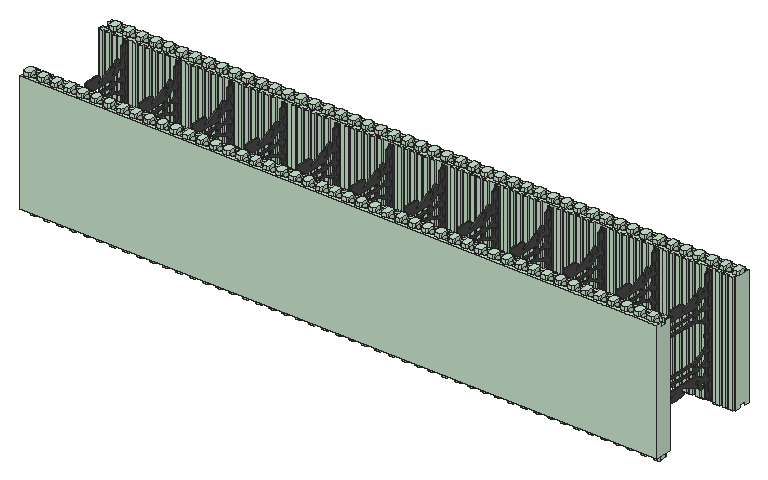
Revit family (continued)
Definition of nested family "NUDURA Logo Diamond"
  Lines and regions (in)
    model lines
      curve 24: arc (12.52777, 0, 17.43033) -> (12.60099, 0, 17.25355) -> (12.52777, 0, 17.07678) r 0.25
      curve 25: arc (12.17421, 0, 16.72322) -> (11.99744, 0, 16.65) -> (11.82066, 0, 16.72322) r 0.25
      curve 26: arc (11.82066, 0, 17.78388) -> (11.99744, 0, 17.85711) -> (12.17421, 0, 17.78388) r 0.25
      curve 27: arc (12.59848, 0, 17.50104) -> (12.70099, 0, 17.25355) -> (12.59848, 0, 17.00607) r 0.35
      curve 28: arc (11.63374, 0, 16.76872) -> (11.74358, 0, 16.50355) -> (11.63374, 0, 16.23839) r 0.375
      curve 29: arc (12.36113, 0, 16.76872) -> (12.2513, 0, 16.50355) -> (12.36113, 0, 16.23839) r 0.375
      curve 30: line (12.36113, 0, 15.26872) -> (12.59848, 0, 15.50607)
      curve 31: line (11.3964, 0, 15.50607) -> (11.63374, 0, 15.26872)
      curve 32: line (11.82066, 0, 16.28388) -> (11.46711, 0, 15.93033)
      curve 33: line (12.52777, 0, 15.93033) -> (12.17421, 0, 16.28388)
      curve 34: line (12.17421, 0, 15.22322) -> (12.52777, 0, 15.57678)
      curve 35: line (11.46711, 0, 15.57678) -> (11.82066, 0, 15.22322)
      curve 36: arc (11.3964, 0, 16.00104) -> (11.29388, 0, 15.75355) -> (11.3964, 0, 15.50607) r 0.35
      curve 37: arc (11.46711, 0, 15.93033) -> (11.39388, 0, 15.75355) -> (11.46711, 0, 15.57678) r 0.25
      curve 38: arc (12.52777, 0, 15.93033) -> (12.60099, 0, 15.75355) -> (12.52777, 0, 15.57678) r 0.25
      curve 39: arc (12.17421, 0, 15.22322) -> (11.99744, 0, 15.15) -> (11.82066, 0, 15.22322) r 0.25
      curve 40: arc (11.82066, 0, 16.28388) -> (11.99744, 0, 16.35711) -> (12.17421, 0, 16.28388) r 0.25
      curve 41: arc (12.59848, 0, 16.00104) -> (12.70099, 0, 15.75355) -> (12.59848, 0, 15.50607) r 0.35
      curve 42: line (11.63374, 0, 16.23839) -> (11.3964, 0, 16.00104)
      curve 43: line (12.59848, 0, 16.00104) -> (12.36113, 0, 16.23839)
      curve 44: arc (11.63374, 0, 15.26872) -> (11.74358, 0, 15.00355) -> (11.63374, 0, 14.73839) r 0.375
      curve 45: arc (12.36113, 0, 15.26872) -> (12.2513, 0, 15.00355) -> (12.36113, 0, 14.73839) r 0.375
      curve 46: line (12.36113, 0, 13.76872) -> (12.59848, 0, 14.00607)
      curve 47: line (11.3964, 0, 14.00607) -> (11.63374, 0, 13.76872)
      curve 48: line (11.82066, 0, 14.78388) -> (11.46711, 0, 14.43033)
      curve 49: line (12.52777, 0, 14.43033) -> (12.17421, 0, 14.78388)
      curve 50: line (12.17421, 0, 13.72322) -> (12.52777, 0, 14.07678)
      curve 51: line (11.46711, 0, 14.07678) -> (11.82066, 0, 13.72322)
      curve 52: arc (11.3964, 0, 14.50104) -> (11.29388, 0, 14.25355) -> (11.3964, 0, 14.00607) r 0.35
      curve 53: arc (11.46711, 0, 14.43033) -> (11.39388, 0, 14.25355) -> (11.46711, 0, 14.07678) r 0.25
      curve 54: arc (12.52777, 0, 14.43033) -> (12.60099, 0, 14.25355) -> (12.52777, 0, 14.07678) r 0.25
      curve 55: arc (12.17421, 0, 13.72322) -> (11.99744, 0, 13.65) -> (11.82066, 0, 13.72322) r 0.25
      curve 56: arc (11.82066, 0, 14.78388) -> (11.99744, 0, 14.85711) -> (12.17421, 0, 14.78388) r 0.25
      curve 57: arc (12.59848, 0, 14.50104) -> (12.70099, 0, 14.25355) -> (12.59848, 0, 14.00607) r 0.35
      curve 58: line (11.63374, 0, 14.73839) -> (11.3964, 0, 14.50104)
      curve 59: arc (11.63374, 0, 13.76872) -> (11.74358, 0, 13.50355) -> (11.63374, 0, 13.23839) r 0.375
      curve 60: arc (12.36113, 0, 13.76872) -> (12.2513, 0, 13.50355) -> (12.36113, 0, 13.23839) r 0.375
      curve 61: line (12.78279, 0, 12.81673) -> (12.36113, 0, 13.23839)
      curve 62: line (11.21208, 0, 12.81673) -> (11.28279, 0, 12.74602)
      curve 63: arc (11.82066, 0, 13.28388) -> (11.99744, 0, 13.35711) -> (12.17421, 0, 13.28388) r 0.25
      curve 64: line (12.59848, 0, 0.50607) -> (12.24492, 0, 0.15251)
      curve 65: line (12.36113, 0, 1.23839) -> (12.59848, 0, 1.00104)
      curve 66: line (12.59848, 0, 2.00607) -> (12.36113, 0, 1.76872)
      curve 67: line (12.36113, 0, 2.73839) -> (12.59848, 0, 2.50104)
      curve 68: line (12.59848, 0, 3.50607) -> (12.36113, 0, 3.26872)
      curve 69: line (12.36113, 0, 4.23839) -> (12.59848, 0, 4.00104)
      curve 70: line (12.17421, 0, 4.72322) -> (12.71208, 0, 5.26109)
      curve 71: line (12.71208, 0, 5.26109) -> (12.78279, 0, 5.19038)
      curve 72: line (11.28279, 0, 5.26109) -> (11.82066, 0, 4.72322)
      curve 73: line (11.63374, 0, 4.76872) -> (11.21208, 0, 5.19038)
      curve 74: line (11.3964, 0, 4.00104) -> (11.63374, 0, 4.23839)
      curve 75: line (11.63374, 0, 3.26872) -> (11.3964, 0, 3.50607)
      curve 76: line (11.3964, 0, 2.50104) -> (11.63374, 0, 2.73839)
      curve 77: line (11.63374, 0, 1.76872) -> (11.3964, 0, 2.00607)
      curve 78: line (11.3964, 0, 1.00104) -> (11.63374, 0, 1.23839)
      curve 79: line (11.74995, 0, 0.15251) -> (11.3964, 0, 0.50607)
      curve 80: line (11.82066, 0, 0.22322) -> (11.46711, 0, 0.57678)
      curve 81: line (12.52777, 0, 0.57678) -> (12.17421, 0, 0.22322)
      curve 82: line (12.17421, 0, 1.28388) -> (12.52777, 0, 0.93033)
      curve 83: line (11.46711, 0, 0.93033) -> (11.82066, 0, 1.28388)
      curve 84: arc (11.3964, 0, 0.50607) -> (11.29388, 0, 0.75355) -> (11.3964, 0, 1.00104) r 0.35
      curve 85: arc (11.74995, 0, 0.15251) -> (11.99744, 0, 0.05) -> (12.24492, 0, 0.15251) r 0.35
      curve 86: arc (11.46711, 0, 0.57678) -> (11.39388, 0, 0.75355) -> (11.46711, 0, 0.93033) r 0.25
      curve 87: arc (12.52777, 0, 0.57678) -> (12.60099, 0, 0.75355) -> (12.52777, 0, 0.93033) r 0.25
      curve 88: arc (12.17421, 0, 1.28388) -> (11.99744, 0, 1.35711) -> (11.82066, 0, 1.28388) r 0.25
      curve 89: arc (11.82066, 0, 0.22322) -> (11.99744, 0, 0.15) -> (12.17421, 0, 0.22322) r 0.25
      curve 90: arc (12.59848, 0, 0.50607) -> (12.70099, 0, 0.75355) -> (12.59848, 0, 1.00104) r 0.35
      curve 91: arc (11.63374, 0, 1.23839) -> (11.74358, 0, 1.50355) -> (11.63374, 0, 1.76872) r 0.375
      curve 92: arc (12.36113, 0, 1.23839) -> (12.2513, 0, 1.50355) -> (12.36113, 0, 1.76872) r 0.375
      curve 93: line (12.36113, 0, 2.73839) -> (12.59848, 0, 2.50104)
      curve 94: line (11.3964, 0, 2.50104) -> (11.63374, 0, 2.73839)
      curve 95: line (11.82066, 0, 1.72322) -> (11.46711, 0, 2.07678)
      curve 96: line (12.52777, 0, 2.07678) -> (12.17421, 0, 1.72322)
      curve 97: line (12.17421, 0, 2.78388) -> (12.52777, 0, 2.43033)
      curve 98: line (11.46711, 0, 2.43033) -> (11.82066, 0, 2.78388)
      curve 99: arc (11.3964, 0, 2.00607) -> (11.29388, 0, 2.25355) -> (11.3964, 0, 2.50104) r 0.35
      curve 100: arc (11.46711, 0, 2.07678) -> (11.39388, 0, 2.25355) -> (11.46711, 0, 2.43033) r 0.25
      curve 101: arc (12.52777, 0, 2.07678) -> (12.60099, 0, 2.25355) -> (12.52777, 0, 2.43033) r 0.25
      curve 102: arc (12.17421, 0, 2.78388) -> (11.99744, 0, 2.85711) -> (11.82066, 0, 2.78388) r 0.25
      curve 103: arc (11.82066, 0, 1.72322) -> (11.99744, 0, 1.65) -> (12.17421, 0, 1.72322) r 0.25
      curve 104: arc (12.59848, 0, 2.00607) -> (12.70099, 0, 2.25355) -> (12.59848, 0, 2.50104) r 0.35
      curve 105: line (11.63374, 0, 1.76872) -> (11.3964, 0, 2.00607)
      curve 106: line (12.59848, 0, 2.00607) -> (12.36113, 0, 1.76872)
      curve 107: arc (11.63374, 0, 2.73839) -> (11.74358, 0, 3.00355) -> (11.63374, 0, 3.26872) r 0.375
      curve 108: arc (12.36113, 0, 2.73839) -> (12.2513, 0, 3.00355) -> (12.36113, 0, 3.26872) r 0.375
      curve 109: line (12.36113, 0, 4.23839) -> (12.59848, 0, 4.00104)
      curve 110: line (11.3964, 0, 4.00104) -> (11.63374, 0, 4.23839)
      curve 111: line (11.82066, 0, 3.22322) -> (11.46711, 0, 3.57678)
      curve 112: line (12.52777, 0, 3.57678) -> (12.17421, 0, 3.22322)
      curve 113: line (12.17421, 0, 4.28388) -> (12.52777, 0, 3.93033)
      curve 114: line (11.46711, 0, 3.93033) -> (11.82066, 0, 4.28388)
      curve 115: arc (11.3964, 0, 3.50607) -> (11.29388, 0, 3.75355) -> (11.3964, 0, 4.00104) r 0.35
      curve 116: arc (11.46711, 0, 3.57678) -> (11.39388, 0, 3.75355) -> (11.46711, 0, 3.93033) r 0.25
      curve 117: arc (12.52777, 0, 3.57678) -> (12.60099, 0, 3.75355) -> (12.52777, 0, 3.93033) r 0.25
      curve 118: arc (12.17421, 0, 4.28388) -> (11.99744, 0, 4.35711) -> (11.82066, 0, 4.28388) r 0.25
      curve 119: arc (11.82066, 0, 3.22322) -> (11.99744, 0, 3.15) -> (12.17421, 0, 3.22322) r 0.25
      curve 120: arc (12.59848, 0, 3.50607) -> (12.70099, 0, 3.75355) -> (12.59848, 0, 4.00104) r 0.35
      curve 121: line (11.63374, 0, 3.26872) -> (11.3964, 0, 3.50607)
      curve 122: arc (11.63374, 0, 4.23839) -> (11.74358, 0, 4.50355) -> (11.63374, 0, 4.76872) r 0.375
      curve 123: arc (12.36113, 0, 4.23839) -> (12.2513, 0, 4.50355) -> (12.36113, 0, 4.76872) r 0.375
      curve 124: line (12.78279, 0, 5.19038) -> (12.36113, 0, 4.76872)
      curve 125: line (11.21208, 0, 5.19038) -> (11.28279, 0, 5.26109)
      curve 126: arc (11.82066, 0, 4.72322) -> (11.99744, 0, 4.65) -> (12.17421, 0, 4.72322) r 0.25
      curve 127: line (12.37244, 0, 12.50355) -> (11.62244, 0, 12.50355)
      curve 128: line (12.74744, 0, 5.87855) -> (12.74744, 0, 12.12855)
      curve 129: line (11.24744, 0, 12.12855) -> (11.24744, 0, 5.87855)
      curve 130: line (11.62244, 0, 5.50355) -> (12.37244, 0, 5.50355)
      curve 131: line (12.47232, 0, 12.00355) -> (12.0393, 0, 12.25355)
      curve 132: line (12.47232, 0, 11.50355) -> (12.47232, 0, 12.00355)
      curve 133: line (12.25581, 0, 11.37855) -> (12.47232, 0, 11.50355)
      curve 134: line (12.02256, 0, 11.51322) -> (12.25581, 0, 11.37855)
      curve 135: line (12.22232, 0, 11.62855) -> (12.02256, 0, 11.51322)
      curve 136: line (11.80605, 0, 12.11888) -> (12.22232, 0, 11.87855)
      curve 137: line (12.22232, 0, 11.87855) -> (12.22232, 0, 11.62855)
      curve 138: line (12.0393, 0, 12.25355) -> (11.80605, 0, 12.11888)
      curve 139: line (11.77256, 0, 11.63822) -> (11.97232, 0, 11.75355)
      curve 140: line (11.97232, 0, 11.75355) -> (11.73906, 0, 11.88822)
      curve 141: line (11.73906, 0, 11.88822) -> (11.52256, 0, 11.76322)
      curve 142: line (11.52256, 0, 11.76322) -> (11.52256, 0, 11.26322)
      curve 143: line (11.77256, 0, 11.38822) -> (11.77256, 0, 11.63822)
      curve 144: line (12.18882, 0, 11.14789) -> (11.77256, 0, 11.38822)
      curve 145: line (11.95557, 0, 11.01322) -> (12.18882, 0, 11.14789)
      curve 146: line (11.52256, 0, 11.26322) -> (11.95557, 0, 11.01322)
      curve 147: line (12.31108, 0, 10.60411) -> (11.68379, 0, 10.74458)
      curve 148: line (11.68379, 0, 10.74458) -> (11.68379, 0, 10.51321)
      curve 149: line (11.68379, 0, 10.51321) -> (12.1295, 0, 10.41405)
      curve 150: line (12.1295, 0, 10.41405) -> (11.68379, 0, 10.27358)
      curve 151: line (11.68379, 0, 10.27358) -> (11.68379, 0, 9.8852)
      curve 152: line (11.68379, 0, 9.8852) -> (12.17077, 0, 9.77615)
      curve 153: line (12.17077, 0, 9.77615) -> (12.17077, 0, 9.74472)
      curve 154: line (12.17077, 0, 9.74472) -> (11.86146, 0, 9.80279)
      curve 155: line (11.68379, 0, 9.65536) -> (11.68379, 0, 9.35864)
      curve 156: line (12.07077, 0, 8.74385) -> (12.07077, 0, 8.99996)
      curve 157: line (12.07077, 0, 8.99996) -> (11.68379, 0, 9.08605)
      curve 158: line (11.68379, 0, 9.08605) -> (11.68379, 0, 8.47809)
      curve 159: line (11.91823, 0, 9.06589) -> (12.31108, 0, 8.97792)
      curve 160: line (11.82444, 0, 8.55476) -> (11.82444, 0, 8.79865)
      curve 161: line (11.82444, 0, 8.79865) -> (12.07077, 0, 8.74385)
      curve 162: line (11.68379, 0, 8.07193) -> (11.68379, 0, 7.77522)
      curve 163: line (11.91823, 0, 7.48247) -> (12.21108, 0, 7.41688)
      curve 164: line (12.21108, 0, 7.41688) -> (12.21108, 0, 6.95405)
      curve 165: line (12.16108, 0, 6.90405) -> (12.12077, 0, 6.90405)
      curve 166: line (12.07077, 0, 6.95405) -> (12.07077, 0, 7.08675)
      curve 167: line (12.07077, 0, 7.08675) -> (12.12077, 0, 7.07556)
      curve 168: line (12.12077, 0, 7.07556) -> (12.12077, 0, 7.33463)
      curve 169: line (12.12077, 0, 7.33463) -> (11.68379, 0, 7.43249)
      curve 170: line (11.68379, 0, 7.43249) -> (11.68379, 0, 7.17341)
      curve 171: line (11.68379, 0, 7.17341) -> (11.97077, 0, 7.10915)
      curve 172: line (11.97077, 0, 7.10915) -> (11.97077, 0, 6.99425)
      curve 173: line (11.92077, 0, 6.94425) -> (11.68379, 0, 6.94425)
      curve 174: line (11.68379, 0, 6.94425) -> (11.68379, 0, 6.45682)
      curve 175: line (11.68379, 0, 6.45682) -> (11.78284, 0, 6.38658)
      curve 176: line (11.78284, 0, 6.38658) -> (11.78284, 0, 6.05178)
      curve 177: line (12.12371, 0, 6.14486) -> (11.88284, 0, 6.31567)
      curve 178: line (11.88284, 0, 6.31567) -> (11.88284, 0, 6.07909)
      curve 179: line (11.88284, 0, 6.07909) -> (12.12371, 0, 6.14486)
      curve 180: line (11.78284, 0, 6.05178) -> (11.68379, 0, 6.02474)
      curve 181: line (11.68379, 0, 6.02474) -> (11.68379, 0, 5.75355)
      curve 182: line (11.68379, 0, 5.75355) -> (12.31108, 0, 5.92483)
      curve 183: line (12.31108, 0, 5.92483) -> (12.31108, 0, 6.28791)
      curve 184: line (12.31108, 0, 6.28791) -> (11.76249, 0, 6.67694)
      curve 185: line (11.76249, 0, 6.67694) -> (11.90321, 0, 6.67694)
      curve 186: line (12.31108, 0, 6.78674) -> (12.31108, 0, 7.63562)
      curve 187: line (12.31108, 0, 7.63562) -> (11.90258, 0, 7.7271)
      curve 188: line (11.82444, 0, 7.82469) -> (11.82444, 0, 7.92839)
      curve 189: line (11.88536, 0, 7.97718) -> (12.31108, 0, 7.88185)
      curve 190: line (12.31108, 0, 7.88185) -> (12.31108, 0, 8.13496)
      curve 191: line (12.31108, 0, 8.13496) -> (12.08042, 0, 8.17826)
      curve 192: line (12.31108, 0, 8.38353) -> (12.31108, 0, 8.9465)
      curve 193: line (12.31108, 0, 8.9465) -> (12.17077, 0, 8.97771)
      curve 194: line (12.17077, 0, 8.97771) -> (12.17077, 0, 8.55476)
      curve 195: line (12.31108, 0, 8.97792) -> (12.31108, 0, 9.21905)
      curve 196: line (12.31108, 0, 9.21905) -> (11.90258, 0, 9.31053)
      curve 197: line (11.82444, 0, 9.40811) -> (11.82444, 0, 9.51182)
      curve 198: line (11.87938, 0, 9.56195) -> (12.31108, 0, 9.46528)
      curve 199: line (12.31108, 0, 9.46528) -> (12.31108, 0, 9.98469)
      curve 200: line (12.31108, 0, 9.98469) -> (11.90664, 0, 10.07526)
      curve 201: line (11.90664, 0, 10.07526) -> (12.31108, 0, 10.20747)
      curve 202: line (12.31108, 0, 10.20747) -> (12.31108, 0, 10.60411)
      curve 203: arc (11.68379, 0, 9.65536) -> (11.73801, 0, 9.7708) -> (11.86146, 0, 9.80279) r 0.15
      curve 204: arc (11.68379, 0, 9.35864) -> (11.74962, 0, 9.17112) -> (11.91823, 0, 9.06589) r 0.3
      curve 205: arc (11.84417, 0, 8.22149) -> (11.72718, 0, 8.32679) -> (11.68379, 0, 8.47809) r 0.28547
      curve 206: arc (11.68379, 0, 8.07193) -> (11.73147, 0, 8.18158) -> (11.84417, 0, 8.22149) r 0.14992
      curve 207: arc (11.68379, 0, 7.77522) -> (11.74962, 0, 7.58769) -> (11.91823, 0, 7.48247) r 0.3
      curve 208: arc (11.82444, 0, 7.82469) -> (11.84638, 0, 7.76218) -> (11.90258, 0, 7.7271) r 0.1
      curve 209: arc (11.82444, 0, 7.92839) -> (11.84318, 0, 7.96742) -> (11.88536, 0, 7.97718) r 0.05
      curve 210: arc (12.12077, 0, 6.90405) -> (12.08541, 0, 6.91869) -> (12.07077, 0, 6.95405) r 0.05
      curve 211: arc (12.16108, 0, 6.90405) -> (12.19644, 0, 6.91869) -> (12.21108, 0, 6.95405) r 0.05
      curve 212: arc (11.97077, 0, 6.99425) -> (11.95612, 0, 6.95889) -> (11.92077, 0, 6.94425) r 0.05
      curve 213: arc (11.90321, 0, 6.67694) -> (11.96756, 0, 6.70069) -> (12.00104, 0, 6.76055) r 0.09904
      curve 214: arc (12.00104, 0, 6.76055) -> (12.1681, 0, 6.63117) -> (12.31108, 0, 6.78674) r 0.15613
      curve 215: arc (12.08042, 0, 8.17826) -> (12.24181, 0, 8.22914) -> (12.31108, 0, 8.38353) r 0.20667
      curve 216: arc (11.82444, 0, 8.55476) -> (11.9976, 0, 8.3816) -> (12.17077, 0, 8.55476) r 0.17317
      curve 217: arc (11.82444, 0, 9.40811) -> (11.84638, 0, 9.34561) -> (11.90258, 0, 9.31053) r 0.1
      curve 218: arc (11.82444, 0, 9.51182) -> (11.8459, 0, 9.55306) -> (11.892, 0, 9.55913) r 0.05034
      curve 219: arc (11.24744, 0, 12.12855) -> (11.35727, 0, 12.39372) -> (11.62244, 0, 12.50355) r 0.375
      curve 220: arc (12.37244, 0, 12.50355) -> (12.6376, 0, 12.39372) -> (12.74744, 0, 12.12855) r 0.375
      curve 221: arc (11.24744, 0, 5.87855) -> (11.35727, 0, 5.61339) -> (11.62244, 0, 5.50355) r 0.375
      curve 222: arc (12.37244, 0, 5.50355) -> (12.6376, 0, 5.61339) -> (12.74744, 0, 5.87855) r 0.375
      curve 223: line (9.99744, 0, 18) -> (9.99744, 0, 0)
      curve 224: line (13.99744, 0, 18) -> (13.99744, 0, 0)
      curve 225: line (15.99744, 0, 18) -> (15.99744, 0, 0)
